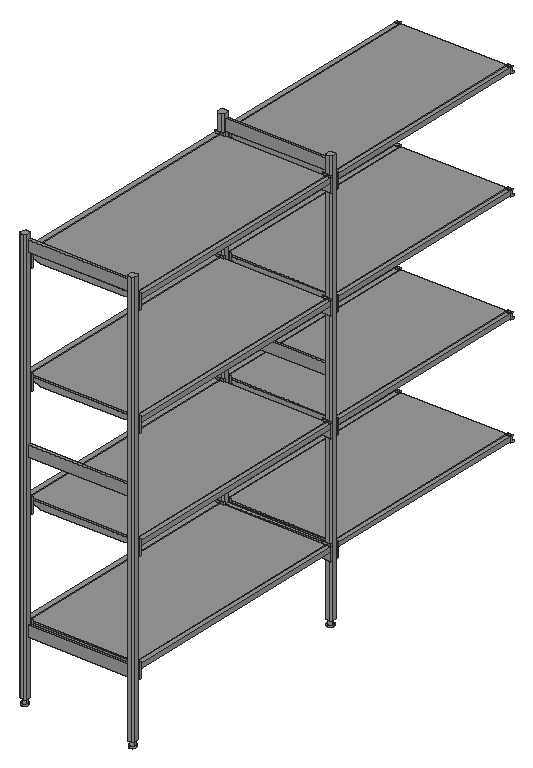
Revit family "QF_ELECTROLUXPROFESSIONAL_137083_CLS1928", category Attrezzature speciali, Revit 2020
Family settings
  Quota connettore circolare = Usa diametro
  Tipo di parte = Normale
  Basato su piano di lavoro = No
  Sempre verticale = Sì
  Taglio con vuoti quando caricato = No
  Condiviso = No
  Punto di calcolo locali = No
Parameters (values of type "Standard")
  Weight = 35.00 kg
  Watts = 0 W
  Volts = 0 V
  URL Manufacturer = "https://www.electroluxprofessional.com/"
  URL = "https://www.electroluxprofessional.com/"
  Steam Supply Size = 0 mm
  Steam Supply Minimum Pressure = 0.0 Pa
  Steam Supply Maximum Pressure = 0.0 Pa
  Steam Consumption per Hour = 0
  Refrigeration Suction Line Size = 0.0 mm
  Refrigeration Liquid Line Size = 0.0 mm
  Refrigerant Compressor Remote = yes
  Prospetto di default = 0.0 mm
  Phase = 0
  Modello = "CLS1928"
  Produttore = "Electrolux Professional"
  Length Actual = 1932.0 mm  # constant formula
  Item Number = "137083"
  Hot Water Size = 0 mm
  Height Actual = 1700.0 mm  # constant formula
  HP = "0 HP"
  Gas Size = 0 mm
  Gas KW = 0
  Gas Input Pressure = 0 W
  Direct Waste Size = 0 mm
  Descrizione = "ALUM.CORNER SHELV.-POLY.TIERS-475X1932MM"
  Depth Actual = 475.0 mm  # constant formula
  Cycle = 0 Hz
  Condensate Return Size = 0 mm
  Compressed Air Volume = 0.0 L/s
  Compressed Air Size = 0 mm
  Compressed Air Pressure = 0.0 Pa
  Cold Water Size = 0 mm
  Accessory = yes
Reference planes
  plane 1: z = 0
  plane 2 "CenterLeft": y = -535.5
  plane 3 "FRONT": y = -921.5
  plane 4 "LEFT": x = 192.5
  plane 5 "RIGHT": x = 667.5
  plane 6 "TOP": z = 1700
  plane 7: y = -889.5
  plane 8: y = 84.5
  plane 9 "Center (Left/Back)": x = 430
  plane 10: x = 256
  plane 11: x = 668
  plane 12 "FEET": z = 25
  plane 13: z = 275
  plane 14: z = 725
  plane 15: z = 1175
  plane 16: z = 1625
  plane 17 "CXLeft": y = -907.5
  plane 18 "Center (Front/Back)": y = 102.5
  plane 19 "CYFront": x = 510
  plane 20: y = 1006.5
  plane 21: y = 120.5
  plane 22 "BACK": y = 1010.5
  plane 23 "LEFT_ORIGIN": x = 158.5
  plane 24 "BACK_ORIGIN": y = 1485.5
Forms (mm)
  Extrusion 1, solid, material "QF_Aluminum"
    sketch origin (38.022, -921.5, -4.006) x (-1, 0, 0) y (0, 0, 1)
      loop
        line (-189.5, 1637.003) -> (-173.5, 1637.003) -> (-173.5, 1655) -> (-175.493, 1655) -> (-175.493, 1648.501) -> (-608.5, 1648.501) -> (-608.5, 1655) -> (-610.5, 1655) -> (-610.5, 1637.003) -> (-594.5, 1637.003) -> (-560.5, 1625) -> (-223.5, 1625) -> (-189.5, 1637.003)
      loop
        line (-189.5, 1187.003) -> (-173.5, 1187.003) -> (-173.5, 1205) -> (-175.493, 1205) -> (-175.493, 1198.501) -> (-608.5, 1198.501) -> (-608.5, 1205) -> (-610.5, 1205) -> (-610.5, 1187.003) -> (-594.5, 1187.003) -> (-560.5, 1175) -> (-223.5, 1175) -> (-189.5, 1187.003)
      loop
        line (-189.5, 737.003) -> (-173.5, 737.003) -> (-173.5, 755) -> (-175.493, 755) -> (-175.493, 748.501) -> (-608.5, 748.501) -> (-608.5, 755) -> (-610.5, 755) -> (-610.5, 737.003) -> (-594.5, 737.003) -> (-560.5, 725) -> (-223.5, 725) -> (-189.5, 737.003)
      loop
        line (-189.5, 287.003) -> (-173.5, 287.003) -> (-173.5, 305) -> (-175.493, 305) -> (-175.493, 298.501) -> (-608.5, 298.501) -> (-608.5, 305) -> (-610.5, 305) -> (-610.5, 287.003) -> (-594.5, 287.003) -> (-560.5, 275) -> (-223.5, 275) -> (-189.5, 287.003)
    from 37 to 32
  Extrusion 2, solid, material "QF_Aluminum"
    sketch origin (38.022, -921.5, 0) x (-1, 0, 0) y (0, 0, 1)
      loop
        line (-154.478, 246.005) -> (-154.478, 307.993) -> (-190.471, 307.993) -> (-190.471, 246.005) -> (-154.478, 246.005)
      loop
        line (-593.484, 246.005) -> (-593.484, 307.993) -> (-629.478, 307.993) -> (-629.478, 246.005) -> (-593.484, 246.005)
      loop
        line (-154.478, 696.005) -> (-154.478, 757.993) -> (-190.471, 757.993) -> (-190.471, 696.005) -> (-154.478, 696.005)
      loop
        line (-593.484, 696.005) -> (-593.484, 757.993) -> (-629.478, 757.993) -> (-629.478, 696.005) -> (-593.484, 696.005)
      loop
        line (-154.478, 1146.005) -> (-154.478, 1207.993) -> (-190.471, 1207.993) -> (-190.471, 1146.005) -> (-154.478, 1146.005)
      loop
        line (-593.484, 1146.005) -> (-593.484, 1207.993) -> (-629.478, 1207.993) -> (-629.478, 1146.005) -> (-593.484, 1146.005)
      loop
        line (-154.478, 1596.005) -> (-154.478, 1657.993) -> (-190.471, 1657.993) -> (-190.471, 1596.005) -> (-154.478, 1596.005)
      loop
        line (-593.484, 1596.005) -> (-593.484, 1657.993) -> (-629.478, 1657.993) -> (-629.478, 1596.005) -> (-593.484, 1596.005)
    from 28 to 32
  Extrusion 3, solid, material "QF_Aluminum"
    sketch origin (38.022, -921.5, 0) x (-1, 0, 0) y (0, 0, 1)
      loop
        line (-154.5, 1650.994) -> (-173.5, 1650.994) -> (-173.5, 1632.998) -> (-154.5, 1632.998) -> (-154.5, 1650.994)
      loop
        line (-154.5, 1200.994) -> (-173.5, 1200.994) -> (-173.5, 1182.998) -> (-154.5, 1182.998) -> (-154.5, 1200.994)
      loop
        line (-154.5, 750.994) -> (-173.5, 750.994) -> (-173.5, 732.998) -> (-154.5, 732.998) -> (-154.5, 750.994)
      loop
        line (-154.5, 300.994) -> (-173.5, 300.994) -> (-173.5, 282.998) -> (-154.5, 282.998) -> (-154.5, 300.994)
      loop
        line (-629.455, 1650.994) -> (-629.455, 1632.998) -> (-610.455, 1632.998) -> (-610.455, 1650.994) -> (-629.455, 1650.994)
      loop
        line (-629.455, 1200.994) -> (-629.455, 1182.998) -> (-610.455, 1182.998) -> (-610.455, 1200.994) -> (-629.455, 1200.994)
      loop
        line (-629.455, 750.994) -> (-629.455, 732.998) -> (-610.455, 732.998) -> (-610.455, 750.994) -> (-629.455, 750.994)
      loop
        line (-629.455, 300.994) -> (-629.455, 282.998) -> (-610.455, 282.998) -> (-610.455, 300.994) -> (-629.455, 300.994)
    from 32 to 1006
  Extrusion 4, solid, material "QF_Polyethylene"
    sketch origin (38.022, -921.5, 0) x (-1, 0, 0) y (0, 0, 1)
      loop
        line (-175.493, 1650.994) -> (-608.5, 1650.994) -> (-608.5, 1644.496) -> (-175.493, 1644.496) -> (-175.493, 1650.994)
      loop
        line (-175.493, 1200.994) -> (-608.5, 1200.994) -> (-608.5, 1194.496) -> (-175.493, 1194.496) -> (-175.493, 1200.994)
      loop
        line (-175.493, 750.994) -> (-608.5, 750.994) -> (-608.5, 744.496) -> (-175.493, 744.496) -> (-175.493, 750.994)
      loop
        line (-175.493, 300.994) -> (-608.5, 300.994) -> (-608.5, 294.496) -> (-175.493, 294.496) -> (-175.493, 300.994)
    from 32 to 1006
  Extrusion 5, solid, material "QF_Aluminum"
    sketch origin (38.022, 684.5, 0) x (-1, 0, 0) y (0, 0, 1)
      loop
        line (-154.5, 1650.994) -> (-173.5, 1650.994) -> (-173.5, 1632.998) -> (-154.5, 1632.998) -> (-154.5, 1650.994)
      loop
        line (-610.455, 1650.994) -> (-629.455, 1650.994) -> (-629.455, 1632.998) -> (-610.455, 1632.998) -> (-610.455, 1650.994)
      loop
        line (-154.5, 1200.994) -> (-173.5, 1200.994) -> (-173.5, 1182.998) -> (-154.5, 1182.998) -> (-154.5, 1200.994)
      loop
        line (-610.455, 1200.994) -> (-629.455, 1200.994) -> (-629.455, 1182.998) -> (-610.455, 1182.998) -> (-610.455, 1200.994)
      loop
        line (-154.5, 750.994) -> (-173.5, 750.994) -> (-173.5, 732.998) -> (-154.5, 732.998) -> (-154.5, 750.994)
      loop
        line (-610.455, 750.994) -> (-629.455, 750.994) -> (-629.455, 732.998) -> (-610.455, 732.998) -> (-610.455, 750.994)
      loop
        line (-154.5, 300.994) -> (-173.5, 300.994) -> (-173.5, 282.998) -> (-154.5, 282.998) -> (-154.5, 300.994)
      loop
        line (-610.455, 300.994) -> (-629.455, 300.994) -> (-629.455, 282.998) -> (-610.455, 282.998) -> (-610.455, 300.994)
    from 322 to -564
  Extrusion 6, solid, material "QF_Polyethylene"
    sketch origin (38.022, 684.5, 0) x (-1, 0, 0) y (0, 0, 1)
      loop
        line (-175.493, 1650.994) -> (-608.5, 1650.994) -> (-608.5, 1644.496) -> (-175.493, 1644.496) -> (-175.493, 1650.994)
      loop
        line (-175.493, 1200.994) -> (-608.5, 1200.994) -> (-608.5, 1194.496) -> (-175.493, 1194.496) -> (-175.493, 1200.994)
      loop
        line (-175.493, 750.994) -> (-608.5, 750.994) -> (-608.5, 744.496) -> (-175.493, 744.496) -> (-175.493, 750.994)
      loop
        line (-175.493, 300.994) -> (-608.5, 300.994) -> (-608.5, 294.496) -> (-175.493, 294.496) -> (-175.493, 300.994)
    from 322 to -564
Lines and regions (mm)
  symbolic lines
    curve 1: line (256, -912.5, 1700) -> (668, -912.5, 1700)
    curve 2: line (668, -902.5, 1700) -> (256, -902.5, 1700)
    curve 3: line (192.5, -893.5, 1700) -> (192.5, 88.5, 1700)
    curve 4: line (667.5, -889.5, 1700) -> (667.5, 84.5, 1700)
    curve 5: line (192.5, 116.5, 1700) -> (192.5, 1010.5, 1700)
    curve 6: line (667.5, 116.5, 1700) -> (667.5, 1010.5, 1700)
    curve 7: line (648.478, 84.5, 1700) -> (648.478, -889.5, 1700)
    curve 8: line (211.522, -889.5, 1700) -> (211.522, 84.5, 1700)
    curve 9: line (211.522, 120.5, 1700) -> (211.522, 1006.5, 1700)
    curve 10: line (648.478, 1006.5, 1700) -> (648.478, 120.5, 1700)
Dimensions and locks
  plane 3 "FRONT" to plane 2 "CenterLeft" = 386.0 mm
  locked: plane 6 "TOP" to level at 1700
  locked: plane 7 to plane 8 at 974
  locked: plane 10 to plane 11 at 412
  plane 10 to plane 9 "Center (Left/Back)" to plane 11 = 174.0 mm, 238.0 mm
  equal spacing: plane 4 "LEFT", plane 9 "Center (Left/Back)", plane 5 "RIGHT"
  plane 12 "FEET" to level = 25.0 mm
  plane 6 "TOP" to plane 12 "FEET" = 1675.0 mm
  plane 13 to plane 12 "FEET" = 250.0 mm
  plane 14 to plane 13 = 450.0 mm
  plane 15 to plane 14 = 450.0 mm
  plane 16 to plane 15 = 450.0 mm
  locked: plane 21 to plane 20 at 886
  locked: plane 8 to plane 18 "Center (Front/Back)" at 18
  locked: plane 18 "Center (Front/Back)" to plane 21 at 18
  locked: plane 3 "FRONT" to plane 7 at 32
  locked: plane 4 "LEFT" to plane 5 "RIGHT" at 475
  locked: plane 23 "LEFT_ORIGIN" to plane 5 "RIGHT" at 509
  locked: plane 22 "BACK" to plane 24 "BACK_ORIGIN" at 475
  locked: plane 22 "BACK" to plane 3 "FRONT" at 1932
  aligned and locked: level to plane 1
  aligned and locked: Extrusion 1 to plane 7
  aligned and locked: plane 7 to Extrusion 2
  aligned and locked: Extrusion 4 to plane 7
  aligned and locked: plane 8 to Extrusion 4
  aligned and locked: Extrusion 3 to plane 7
  aligned and locked: plane 8 to Extrusion 3
  aligned and locked: Extrusion 1 sketch curve to Extrusion 1 sketch curve  (x3)
  aligned and locked: Extrusion 5 sketch curve to Extrusion 5 sketch curve  (x2)
  aligned and locked: Extrusion 5 to plane 21  (x5)
  aligned and locked: Extrusion 6 to plane 21  (x5)
  aligned and locked: nested 2 to plane 18 "Center (Front/Back)"
  aligned and locked: plane 17 "CXLeft" to nested 1
  aligned and locked: plane 7 to Extrusion 3  (x3)
  aligned and locked: Extrusion 3 to plane 8  (x4)
  aligned and locked: Extrusion 4 to plane 8  (x4)
  aligned and locked: plane 20 to Extrusion 5
  aligned and locked: plane 20 to Extrusion 6
  aligned and locked: Extrusion 5 to plane 20  (x3)
  aligned and locked: Extrusion 6 to plane 20  (x3)
  aligned and locked: plane 9 "Center (Left/Back)" to nested 2
  aligned and locked: nested 3 to plane 22 "BACK"
Automatic sketch dimensions
  Extrusion 1 sketch curve to plane 19 "CYFront" = 138.522 mm  (x4)
  plane 11 to Extrusion 1 sketch curve = 35.478 mm  (x4)
  Extrusion 1 sketch curve to plane 13 = 4.006 mm
  Extrusion 1 sketch curve to Extrusion 1 sketch curve = 34.0 mm  (x4)
  Extrusion 1 sketch curve to plane 14 = 4.006 mm
  Extrusion 1 sketch curve to plane 15 = 4.006 mm
  Extrusion 1 sketch curve to plane 16 = 4.006 mm
  Extrusion 1 sketch curve to plane 10 = 5.522 mm  (x4)
  plane 10 to Extrusion 1 sketch curve = 28.478 mm  (x4)
  plane 13 to Extrusion 1 sketch curve = 7.998 mm  (x2)
  Extrusion 1 sketch curve to Extrusion 1 sketch curve = 11.498 mm  (x4)
  Extrusion 1 sketch curve to Extrusion 1 sketch curve = 6.499 mm  (x8)
  plane 14 to Extrusion 1 sketch curve = 7.998 mm  (x2)
  plane 15 to Extrusion 1 sketch curve = 7.998 mm  (x2)
  plane 16 to Extrusion 1 sketch curve = 7.998 mm  (x2)
  plane 5 "RIGHT" to Extrusion 2 sketch curve = 35.993 mm  (x4)
  Extrusion 2 sketch curve to plane 4 "LEFT" = 0.0 mm  (x4)
  plane 11 to Extrusion 2 sketch curve = 0.5 mm  (x4)
  plane 10 to Extrusion 2 sketch curve = 27.507 mm  (x4)
  Extrusion 2 sketch curve to plane 13 = 28.995 mm  (x2)
  plane 13 to Extrusion 2 sketch curve = 32.993 mm  (x2)
  Extrusion 2 sketch curve to plane 14 = 28.995 mm  (x2)
  plane 14 to Extrusion 2 sketch curve = 32.993 mm  (x2)
  Extrusion 2 sketch curve to plane 15 = 28.995 mm  (x2)
  plane 15 to Extrusion 2 sketch curve = 32.993 mm  (x2)
  Extrusion 2 sketch curve to plane 16 = 28.995 mm  (x2)
  plane 16 to Extrusion 2 sketch curve = 32.993 mm  (x2)
  plane 13 to Extrusion 4 sketch curve = 19.496 mm
  Extrusion 4 sketch curve to Extrusion 4 sketch curve = 6.499 mm  (x4)
  plane 14 to Extrusion 4 sketch curve = 19.496 mm
  plane 15 to Extrusion 4 sketch curve = 19.496 mm
  plane 16 to Extrusion 4 sketch curve = 19.496 mm
  plane 5 "RIGHT" to Extrusion 5 sketch curve = 0.022 mm  (x4)
  Extrusion 5 sketch curve to plane 4 "LEFT" = 19.022 mm  (x4)
  Extrusion 5 sketch curve to plane 19 "CYFront" = 138.478 mm  (x2)
  plane 13 to Extrusion 5 sketch curve = 7.998 mm  (x2)
  Extrusion 5 sketch curve to Extrusion 5 sketch curve = 17.997 mm  (x8)
  plane 14 to Extrusion 5 sketch curve = 7.998 mm  (x2)
  plane 15 to Extrusion 5 sketch curve = 7.998 mm  (x2)
  plane 16 to Extrusion 5 sketch curve = 7.998 mm  (x2)
  Extrusion 6 sketch curve to plane 19 "CYFront" = 136.522 mm  (x4)
  plane 13 to Extrusion 6 sketch curve = 19.496 mm
  Extrusion 6 sketch curve to Extrusion 6 sketch curve = 6.499 mm  (x4)
  plane 14 to Extrusion 6 sketch curve = 19.496 mm
  plane 15 to Extrusion 6 sketch curve = 19.496 mm
  plane 16 to Extrusion 6 sketch curve = 19.496 mm
  plane 5 "RIGHT" to Extrusion 3 sketch curve = 0.022 mm  (x4)
  Extrusion 3 sketch curve to Extrusion 3 sketch curve = 19.0 mm  (x4)
  plane 14 to Extrusion 3 sketch curve = 7.998 mm  (x2)
  plane 10 to Extrusion 3 sketch curve = 44.478 mm  (x4)
  Extrusion 3 sketch curve to plane 4 "LEFT" = 0.022 mm  (x4)
  plane 13 to Extrusion 3 sketch curve = 25.994 mm  (x2)
  plane 13 to Extrusion 3 sketch curve = 7.998 mm  (x2)
  Extrusion 3 sketch curve to Extrusion 3 sketch curve = 17.997 mm  (x6)
  plane 15 to Extrusion 3 sketch curve = 7.998 mm  (x2)
  plane 16 to Extrusion 3 sketch curve = 7.998 mm  (x2)
  plane 10 to Extrusion 1 sketch curve = 42.484 mm  (x4)
  plane 10 to Extrusion 1 sketch curve = 44.478 mm  (x2)
  Extrusion 1 sketch curve to Extrusion 1 sketch curve = 1.993 mm  (x2)
  plane 10 to Extrusion 4 sketch curve = 42.484 mm  (x4)
  Extrusion 5 sketch curve to plane 4 "LEFT" = 0.022 mm  (x4)
  plane 10 to Extrusion 6 sketch curve = 42.484 mm  (x4)
  Extrusion 1 sketch curve to Extrusion 1 sketch curve = 2.0 mm
  plane 5 "RIGHT" to Extrusion 4 sketch curve = 20.978 mm  (x4)
  curve 1 to plane 11 = 0.0 mm
  curve 1 to plane 10 = 0.0 mm
  curve 2 to plane 10 = 0.0 mm
  curve 2 to plane 11 = 0.0 mm
  curve 3 to plane 4 "LEFT" = 0.0 mm
  curve 4 to plane 5 "RIGHT" = 0.0 mm
  plane 7 to curve 4 = 0.0 mm
  plane 7 to curve 8 = 0.0 mm
  plane 8 to curve 8 = 0.0 mm
  plane 8 to curve 7 = 0.0 mm
  plane 8 to curve 4 = 0.0 mm
  curve 5 to plane 4 "LEFT" = 0.0 mm
  curve 6 to plane 5 "RIGHT" = 0.0 mm
  plane 20 to curve 9 = 0.0 mm
  plane 22 "BACK" to curve 5 = 0.0 mm
  plane 22 "BACK" to curve 6 = 0.0 mm
  plane 7 to curve 3 = 4.0 mm
  plane 17 "CXLeft" to curve 2 = 5.0 mm
  curve 1 to plane 17 "CXLeft" = 5.0 mm
  curve 3 to plane 8 = 4.0 mm
  curve 6 to plane 21 = 4.0 mm
  curve 9 to plane 4 "LEFT" = 19.022 mm
  curve 8 to plane 4 "LEFT" = 19.022 mm
  curve 9 to plane 21 = 0.0 mm
  plane 21 to curve 10 = 0.0 mm
  curve 5 to plane 21 = 4.0 mm
  plane 7 to curve 7 = 0.0 mm
  curve 4 to curve 7 = 19.022 mm
  plane 20 to curve 10 = 0.0 mm
  plane 5 "RIGHT" to curve 10 = 19.022 mm
Nested families
  nested 1: "WT_Anta475" at (215.5, -504.5, 0) x (0, 1, 0) z (0, 0, 1), type "WT_Anta475"
  nested 2: "WT_Anta475Center" at (215.5, 505.5, 0) x (0, 1, 0) z (0, 0, 1), type "WT_Anta475Center"
  nested 3: "WT_Aggancio475" at (215.5, 1418.5, 0) x (0, 1, 0) z (0, 0, 1), type "WT_Aggancio475"
Definition of nested family "WT_Anta475"
  Parameters
    WidthLeft = A + 64.0 mm  # 772.0 mm
    Width = 1606.0 mm
    Right = WidthLeft / 2  # 386.0 mm
    Default Elevation = 0.0 mm
    Left = -WidthLeft / 2  # -386.0 mm
    Height = 1725.0 mm
    FEET = 25.0 mm
    E = 0.0 mm
    Dint = Depth - 63.0 mm  # 412.0 mm
    Dext = Depth - 8.0 mm  # 467.0 mm
    Depth = 475.0 mm
    DX = (WidthLeft - A) / 2  # 32.0 mm
    B = 798.0 mm
    A = 708.0 mm
  Reference planes
    plane 1: z = 0
    plane 2 "LEFT": x = -417
    plane 3 "BACK": y = 23
    plane 4 "FRONT": y = -452
    plane 5 "TOP": z = 1725
    plane 6 "Center (Front/Back)": y = -214.5
    plane 7: y = -8.5
    plane 8: y = -420.5
    plane 9 "FEET": z = 25
    plane 10: z = 275
    plane 11: z = 725
    plane 12: z = 1175
    plane 13: z = 1625
    plane 14 "CXLeft": x = -403
    plane 15: y = 5.5
    plane 16 "CYBack": y = 5.5
    plane 17 "CYFront": y = -434.5
    plane 18: x = -385.031
    plane 19: x = -380.031
  Forms (mm)
    Extrusion 1, solid
      sketch origin (0, 0, 0) x (1, 0, 0) y (0, 1, 0)
        loop
          line (-417, 13.246) -> (-417, -2.246) -> (-410.746, -8.5) -> (-395.254, -8.5) -> (-389, -2.246) -> (-389, 13.246) -> (-395.254, 19.5) -> (-410.746, 19.5) -> (-417, 13.246)
      from 1725 to 25
    Extrusion 2, solid
      sketch origin (-417, 0, 0) x (0, 1, 0) y (0, 0, 1)
        loop
          line (23, 246.005) -> (23, 307.993) -> (-12.993, 307.993) -> (-12.993, 246.005) -> (23, 246.005)
        loop
          line (-452, 246.005) -> (-416.007, 246.005) -> (-416.007, 307.993) -> (-452, 307.993) -> (-452, 246.005)
        loop
          line (23, 696.005) -> (23, 757.993) -> (-12.993, 757.993) -> (-12.993, 696.005) -> (23, 696.005)
        loop
          line (-452, 696.005) -> (-416.007, 696.005) -> (-416.007, 757.993) -> (-452, 757.993) -> (-452, 696.005)
        loop
          line (23, 1146.005) -> (23, 1207.993) -> (-12.993, 1207.993) -> (-12.993, 1146.005) -> (23, 1146.005)
        loop
          line (-452, 1146.005) -> (-416.007, 1146.005) -> (-416.007, 1207.993) -> (-452, 1207.993) -> (-452, 1146.005)
        loop
          line (23, 1596.005) -> (23, 1657.993) -> (-12.993, 1657.993) -> (-12.993, 1596.005) -> (23, 1596.005)
        loop
          line (-452, 1596.005) -> (-416.007, 1596.005) -> (-416.007, 1657.993) -> (-452, 1657.993) -> (-452, 1596.005)
      from 28 to 32
    Revolve 3, solid
      sketch origin (-403, 0, 0) x (0, 1, 0) y (0, 0, 1)
        loop
          line (5.5, 25) -> (5.5, 0) -> (19, 0) -> (19, 5) -> (14, 5) -> (14, 25) -> (5.5, 25)
        axis (5.5, 25) -> (5.5, 0)
      angle from 0 to 360
    Extrusion 4, solid
      sketch origin (-403, 0, 0) x (0, 1, 0) y (0, 0, 1)
        loop
          line (-8.5, 912.382) -> (-8.5, 957.374) -> (-420.5, 957.374) -> (-420.5, 912.382) -> (-8.5, 912.382)
        loop
          line (-8.5, 1662.244) -> (-8.5, 1707.236) -> (-420.5, 1707.236) -> (-420.5, 1662.244) -> (-8.5, 1662.244)
      from -5 to 5
    Revolve 5, solid
      sketch origin (-403, -627, 0) x (0, -1, 0) y (0, 0, 1)
        loop
          line (-192.5, 25) -> (-192.5, 0) -> (-179, 0) -> (-179, 5) -> (-184, 5) -> (-184, 25) -> (-192.5, 25)
        axis (-192.5, 25) -> (-192.5, 0)
      angle from 0 to 360
    Extrusion 6, solid
      sketch origin (0, -627, 0) x (1, 0, 0) y (0, 1, 0)
        loop
          line (-417, 184.754) -> (-410.746, 178.5) -> (-395.254, 178.5) -> (-389, 184.754) -> (-389, 200.246) -> (-395.254, 206.5) -> (-410.746, 206.5) -> (-417, 200.246) -> (-417, 184.754)
      from 1725 to 25
    Extrusion 7, solid
      sketch origin (-417.031, -0.022, 0) x (0, 1, 0) y (0, 0, -1)
        loop
          line (-12, -1632.998) -> (-46, -1620.994) -> (-383, -1620.994) -> (-417, -1632.998) -> (-433, -1632.998) -> (-433, -1650.994) -> (-431, -1650.994) -> (-431, -1644.496) -> (2.007, -1644.496) -> (2.007, -1650.994) -> (4, -1650.994) -> (4, -1632.998) -> (-12, -1632.998)
        loop
          line (-12, -1182.998) -> (-46, -1170.994) -> (-383, -1170.994) -> (-417, -1182.998) -> (-433, -1182.998) -> (-433, -1200.994) -> (-431, -1200.994) -> (-431, -1194.496) -> (2.007, -1194.496) -> (2.007, -1200.994) -> (4, -1200.994) -> (4, -1182.998) -> (-12, -1182.998)
        loop
          line (-12, -732.998) -> (-46, -720.994) -> (-383, -720.994) -> (-417, -732.998) -> (-433, -732.998) -> (-433, -750.994) -> (-431, -750.994) -> (-431, -744.496) -> (2.007, -744.496) -> (2.007, -750.994) -> (4, -750.994) -> (4, -732.998) -> (-12, -732.998)
        loop
          line (-12, -282.998) -> (-46, -270.994) -> (-383, -270.994) -> (-417, -282.998) -> (-433, -282.998) -> (-433, -300.994) -> (-431, -300.994) -> (-431, -294.496) -> (2.007, -294.496) -> (2.007, -300.994) -> (4, -300.994) -> (4, -282.998) -> (-12, -282.998)
      from -32 to -37
    Extrusion 8, solid
      sketch origin (-403, 0, -659.878) x (0, 1, 0) y (0, 0, 1)
        loop
          line (-8.5, 912.382) -> (-8.5, 957.374) -> (-420.5, 957.374) -> (-420.5, 912.382) -> (-8.5, 912.382)
        loop
          line (-8.5, 1572.382) -> (-8.5, 1617.374) -> (-420.5, 1617.374) -> (-420.5, 1572.382) -> (-8.5, 1572.382)
        loop
          line (-8.5, 2322.382) -> (-8.5, 2367.374) -> (-420.5, 2367.374) -> (-420.5, 2322.382) -> (-8.5, 2322.382)
      from -5 to 5
  Lines and regions (mm)
    symbolic lines
      curve 1: line (-408, -8.5, 1725) -> (-408, -420.5, 1725)
      curve 2: line (-398, -420.5, 1725) -> (-398, -8.5, 1725)
      curve 3: line (-395.254, -8.5, 1725) -> (-410.746, -8.5, 1725)
      curve 4: line (-417, -2.246, 1725) -> (-410.746, -8.5, 1725)
      curve 5: line (-417, 13.246, 1725) -> (-417, -2.246, 1725)
      curve 6: line (-410.746, 19.5, 1725) -> (-417, 13.246, 1725)
      curve 7: line (-395.254, 19.5, 1725) -> (-410.746, 19.5, 1725)
      curve 8: line (-389, 13.246, 1725) -> (-395.254, 19.5, 1725)
      curve 9: line (-395.254, -8.5, 1725) -> (-389, -2.246, 1725)
      curve 10: line (-395.254, -420.5, 1725) -> (-410.746, -420.5, 1725)
      curve 11: line (-417, -426.754, 1725) -> (-410.746, -420.5, 1725)
      curve 12: line (-410.746, -448.5, 1725) -> (-417, -442.246, 1725)
      curve 13: line (-395.254, -448.5, 1725) -> (-410.746, -448.5, 1725)
      curve 14: line (-389, -442.246, 1725) -> (-395.254, -448.5, 1725)
      curve 15: line (-395.254, -420.5, 1725) -> (-389, -426.754, 1725)
      curve 16: line (-389, -452, 1725) -> (-389, -416.007, 1725)
      curve 17: line (-389, -416.007, 1725) -> (-385, -416.007, 1725)
      curve 18: line (-389, 23, 1725) -> (-389, -12.993, 1725)
      curve 19: line (-389, -12.993, 1725) -> (-385, -12.993, 1725)
      curve 20: line (-417, -426.754, 1725) -> (-417, -442.246, 1725)
      curve 21: line (-385, -452, 1725) -> (-385, -416.007, 1725)
      curve 22: line (-385, -452, 1725) -> (-389, -452, 1725)
      curve 23: line (-385, 23, 1725) -> (-389, 23, 1725)
      curve 24: line (-385, -12.993, 1725) -> (-385, 23, 1725)
      curve 25: line (-385.031, -13.016, 1725) -> (-385.031, -416.029, 1725)
  Dimensions and locks
    "Height": plane 5 "TOP" to level
    "Depth": plane 3 "BACK" to plane 4 "FRONT"
    "Dint": plane 7 to plane 8
    equal spacing: plane 7, plane 6 "Center (Front/Back)", plane 8
    equal spacing: plane 3 "BACK", plane 6 "Center (Front/Back)", plane 4 "FRONT"
    plane 9 "FEET" to level = 25.0 mm
    plane 5 "TOP" to plane 9 "FEET" = 1700.0 mm
    plane 10 to plane 9 "FEET" = 250.0 mm
    plane 11 to plane 10 = 450.0 mm
    plane 12 to plane 11 = 450.0 mm
    plane 13 to plane 12 = 450.0 mm
    locked: plane 2 "LEFT" to plane 14 "CXLeft" at 14
    locked: plane 3 "BACK" to plane 16 "CYBack" at 17.5
    locked: plane 17 "CYFront" to plane 4 "FRONT" at 17.5
    locked: Revolve 3 sketch curve to Revolve 3 sketch curve at 8.5
    locked: Revolve 3 sketch curve to plane 16 "CYBack" at 13.5
    locked: Revolve 5 sketch curve to Revolve 5 sketch curve at 8.5
    aligned and locked: level to plane 1
    aligned and locked: curve 20 to Extrusion 6
    aligned and locked: plane 5 "TOP" to Extrusion 1
    aligned and locked: plane 5 "TOP" to Extrusion 6
    aligned and locked: Extrusion 7 sketch curve to Extrusion 7 sketch curve  (x3)
  Automatic sketch dimensions
    curve 16 to plane 4 "FRONT" = 0.0 mm
    curve 11 to plane 8 = 0.0 mm
    curve 9 to plane 7 = 0.0 mm
    curve 5 to plane 2 "LEFT" = 0.0 mm
    curve 23 to plane 3 "BACK" = 0.0 mm
    plane 4 "FRONT" to curve 13 = 3.5 mm
    curve 20 to plane 17 "CYFront" = 7.746 mm
    curve 20 to plane 8 = 6.254 mm
    plane 8 to curve 16 = 4.493 mm
    curve 24 to plane 18 = 0.031 mm
    curve 24 to plane 7 = 4.493 mm
    plane 7 to curve 5 = 6.254 mm
    curve 5 to plane 15 = 7.746 mm
    curve 6 to plane 3 "BACK" = 3.5 mm
    curve 21 to plane 18 = 0.031 mm
    plane 18 to curve 23 = 3.969 mm
    plane 18 to curve 16 = 3.969 mm
    curve 18 to curve 8 = 6.254 mm
    curve 18 to curve 3 = 6.254 mm
    curve 16 to curve 13 = 6.254 mm
    curve 16 to curve 15 = 6.254 mm
    plane 2 "LEFT" to curve 10 = 6.254 mm
    plane 2 "LEFT" to curve 7 = 6.254 mm
    plane 2 "LEFT" to curve 12 = 6.254 mm
    plane 2 "LEFT" to curve 3 = 6.254 mm
    curve 14 to plane 17 "CYFront" = 7.746 mm
    curve 15 to plane 8 = 6.254 mm
    plane 7 to curve 9 = 6.254 mm
    curve 8 to plane 15 = 7.746 mm
    curve 3 to curve 2 = 2.746 mm
    curve 1 to curve 10 = 2.746 mm
    Extrusion 1 sketch curve to plane 2 "LEFT" = 0.0 mm
    Extrusion 1 sketch curve to plane 7 = 0.0 mm
    plane 2 "LEFT" to Extrusion 1 sketch curve = 6.254 mm  (x2)
    plane 14 "CXLeft" to Extrusion 1 sketch curve = 7.746 mm  (x2)
    Extrusion 1 sketch curve to plane 3 "BACK" = 3.5 mm
    plane 18 to Extrusion 1 sketch curve = 3.969 mm
    plane 7 to Extrusion 1 sketch curve = 6.254 mm  (x2)
    Extrusion 1 sketch curve to plane 15 = 7.746 mm  (x2)
    Extrusion 2 sketch curve to plane 4 "FRONT" = 0.0 mm  (x4)
    Extrusion 2 sketch curve to plane 3 "BACK" = 0.0 mm  (x4)
    plane 8 to Extrusion 2 sketch curve = 4.493 mm  (x4)
    Extrusion 2 sketch curve to plane 7 = 4.493 mm  (x4)
    Extrusion 2 sketch curve to plane 10 = 28.995 mm  (x2)
    plane 10 to Extrusion 2 sketch curve = 32.993 mm  (x2)
    Extrusion 2 sketch curve to plane 11 = 28.995 mm  (x2)
    plane 11 to Extrusion 2 sketch curve = 32.993 mm  (x2)
    Extrusion 2 sketch curve to plane 12 = 28.995 mm  (x2)
    plane 12 to Extrusion 2 sketch curve = 32.993 mm  (x2)
    Extrusion 2 sketch curve to plane 13 = 28.995 mm  (x2)
    plane 13 to Extrusion 2 sketch curve = 32.993 mm  (x2)
    Revolve 3 sketch curve to plane 9 "FEET" = 0.0 mm  (x2)
    Revolve 3 sketch curve to plane 15 = 0.0 mm  (x2)
    Revolve 3 sketch curve to level = 0.0 mm
    level to Revolve 3 sketch curve = 5.0 mm
    Revolve 3 sketch curve to Revolve 3 sketch curve = 11.655 mm
    Extrusion 4 sketch curve to plane 8 = 0.0 mm  (x2)
    Extrusion 4 sketch curve to plane 7 = 0.0 mm  (x2)
    plane 11 to Extrusion 4 sketch curve = 187.382 mm
    Extrusion 4 sketch curve to Extrusion 4 sketch curve = 44.992 mm
    plane 13 to Extrusion 4 sketch curve = 37.244 mm
    Extrusion 4 sketch curve to plane 5 "TOP" = 17.764 mm
    Revolve 5 sketch curve to plane 9 "FEET" = 0.0 mm  (x2)
    Revolve 5 sketch curve to plane 17 "CYFront" = 0.0 mm  (x2)
    Revolve 5 sketch curve to level = 0.0 mm
    Revolve 5 sketch curve to plane 4 "FRONT" = 4.0 mm
    Revolve 5 sketch curve to Revolve 5 sketch curve = 5.0 mm
    level to Revolve 5 sketch curve = 11.655 mm
    Extrusion 6 sketch curve to plane 2 "LEFT" = 0.0 mm
    Extrusion 6 sketch curve to plane 8 = 0.0 mm
    Extrusion 6 sketch curve to plane 2 "LEFT" = 6.254 mm  (x2)
    Extrusion 6 sketch curve to plane 14 "CXLeft" = 7.746 mm  (x2)
    Extrusion 6 sketch curve to plane 4 "FRONT" = 3.5 mm
    Extrusion 6 sketch curve to plane 18 = 3.969 mm
    plane 8 to Extrusion 6 sketch curve = 6.254 mm  (x2)
    plane 17 "CYFront" to Extrusion 6 sketch curve = 7.746 mm  (x2)
    plane 17 "CYFront" to Extrusion 7 sketch curve = 1.478 mm  (x4)
    Extrusion 7 sketch curve to Extrusion 7 sketch curve = 2.0 mm
    plane 8 to Extrusion 7 sketch curve = 3.478 mm  (x4)
    Extrusion 7 sketch curve to plane 10 = 4.006 mm
    Extrusion 7 sketch curve to Extrusion 7 sketch curve = 34.0 mm  (x4)
    Extrusion 7 sketch curve to plane 11 = 4.006 mm
    Extrusion 7 sketch curve to plane 12 = 4.006 mm
    Extrusion 7 sketch curve to plane 13 = 4.006 mm
    Extrusion 7 sketch curve to plane 7 = 37.522 mm  (x4)
    Extrusion 7 sketch curve to plane 7 = 3.522 mm  (x4)
    plane 15 to Extrusion 7 sketch curve = 3.516 mm  (x4)
    plane 15 to Extrusion 7 sketch curve = 1.522 mm  (x4)
    plane 13 to Extrusion 7 sketch curve = 7.998 mm  (x2)
    Extrusion 7 sketch curve to Extrusion 7 sketch curve = 11.498 mm
    Extrusion 7 sketch curve to Extrusion 7 sketch curve = 6.499 mm  (x5)
    plane 12 to Extrusion 7 sketch curve = 25.994 mm  (x2)
    plane 12 to Extrusion 7 sketch curve = 7.998 mm  (x2)
    plane 11 to Extrusion 7 sketch curve = 25.994 mm  (x2)
    plane 11 to Extrusion 7 sketch curve = 7.998 mm  (x2)
    plane 10 to Extrusion 7 sketch curve = 25.994 mm  (x2)
    plane 10 to Extrusion 7 sketch curve = 7.998 mm  (x2)
    curve 25 to plane 18 = 0.0 mm
    plane 8 to curve 25 = 4.471 mm
    curve 25 to plane 7 = 4.516 mm
    Extrusion 8 sketch curve to plane 8 = 0.0 mm  (x3)
    Extrusion 8 sketch curve to plane 7 = 0.0 mm  (x3)
    Extrusion 8 sketch curve to plane 10 = 22.496 mm
    plane 10 to Extrusion 8 sketch curve = 22.496 mm
    plane 11 to Extrusion 8 sketch curve = 187.504 mm
    Extrusion 8 sketch curve to Extrusion 8 sketch curve = 44.992 mm
    plane 13 to Extrusion 8 sketch curve = 37.504 mm
    Extrusion 8 sketch curve to plane 5 "TOP" = 17.504 mm
Definition of nested family "WT_Anta475Center"
  Parameters
    WidthLeft = A + 64.0 mm  # 772.0 mm
    Width = 1606.0 mm
    Right = WidthLeft / 2  # 386.0 mm
    Default Elevation = 0.0 mm
    Left = -WidthLeft / 2  # -386.0 mm
    Height = 1725.0 mm
    FEET = 25.0 mm
    E = 0.0 mm
    Dint = Depth - 63.0 mm  # 412.0 mm
    Dext = Depth - 8.0 mm  # 467.0 mm
    Depth = 475.0 mm
    DX = (WidthLeft - A) / 2  # 32.0 mm
    B = 798.0 mm
    A = 708.0 mm
  Reference planes
    plane 1: z = 0
    plane 2 "L": x = -417
    plane 3 "BACK": y = 23
    plane 4 "FRONT": y = -452
    plane 5 "TOP": z = 1725
    plane 6 "Center (Front/Back)": y = -214.5
    plane 7: y = -8.5
    plane 8: y = -420.5
    plane 9 "FEET": z = 25
    plane 10: z = 275
    plane 11: z = 725
    plane 12: z = 1175
    plane 13: z = 1625
    plane 14 "CXLeft": x = -403
    plane 15: y = 5.5
    plane 16 "CYBack": y = 5.5
    plane 17 "CYFront": y = -434.5
    plane 18: x = -385.031
    plane 19 "RIGHT": x = -380.031
    plane 20: x = -420.969
    plane 21 "LEFT": x = -425.969
  Forms (mm)
    Extrusion 1, solid
      sketch origin (0, 0, 0) x (1, 0, 0) y (0, 1, 0)
        loop
          line (-417, 13.246) -> (-417, -2.246) -> (-410.746, -8.5) -> (-395.254, -8.5) -> (-389, -2.246) -> (-389, 13.246) -> (-395.254, 19.5) -> (-410.746, 19.5) -> (-417, 13.246)
      from 1725 to 25
    Extrusion 2, solid
      sketch origin (-417, 0, 0) x (0, 1, 0) y (0, 0, 1)
        loop
          line (23, 246.005) -> (23, 307.993) -> (-12.993, 307.993) -> (-12.993, 246.005) -> (23, 246.005)
        loop
          line (-452, 246.005) -> (-416.007, 246.005) -> (-416.007, 307.993) -> (-452, 307.993) -> (-452, 246.005)
        loop
          line (23, 696.005) -> (23, 757.993) -> (-12.993, 757.993) -> (-12.993, 696.005) -> (23, 696.005)
        loop
          line (-452, 696.005) -> (-416.007, 696.005) -> (-416.007, 757.993) -> (-452, 757.993) -> (-452, 696.005)
        loop
          line (23, 1146.005) -> (23, 1207.993) -> (-12.993, 1207.993) -> (-12.993, 1146.005) -> (23, 1146.005)
        loop
          line (-452, 1146.005) -> (-416.007, 1146.005) -> (-416.007, 1207.993) -> (-452, 1207.993) -> (-452, 1146.005)
        loop
          line (23, 1596.005) -> (23, 1657.993) -> (-12.993, 1657.993) -> (-12.993, 1596.005) -> (23, 1596.005)
        loop
          line (-452, 1596.005) -> (-416.007, 1596.005) -> (-416.007, 1657.993) -> (-452, 1657.993) -> (-452, 1596.005)
      from 28 to 32
    Revolve 3, solid
      sketch origin (-403, 0, 0) x (0, 1, 0) y (0, 0, 1)
        loop
          line (5.5, 25) -> (5.5, 0) -> (19, 0) -> (19, 5) -> (14, 5) -> (14, 25) -> (5.5, 25)
        axis (5.5, 25) -> (5.5, 0)
      angle from 0 to 360
    Extrusion 4, solid
      sketch origin (-403, 0, 0) x (0, 1, 0) y (0, 0, 1)
        loop
          line (-8.5, 912.382) -> (-8.5, 957.374) -> (-420.5, 957.374) -> (-420.5, 912.382) -> (-8.5, 912.382)
        loop
          line (-8.5, 1662.244) -> (-8.5, 1707.236) -> (-420.5, 1707.236) -> (-420.5, 1662.244) -> (-8.5, 1662.244)
      from -5 to 5
    Revolve 5, solid
      sketch origin (-403, -627, 0) x (0, -1, 0) y (0, 0, 1)
        loop
          line (-192.5, 25) -> (-192.5, 0) -> (-179, 0) -> (-179, 5) -> (-184, 5) -> (-184, 25) -> (-192.5, 25)
        axis (-192.5, 25) -> (-192.5, 0)
      angle from 0 to 360
    Extrusion 6, solid
      sketch origin (0, -627, 0) x (1, 0, 0) y (0, 1, 0)
        loop
          line (-417, 184.754) -> (-410.746, 178.5) -> (-395.254, 178.5) -> (-389, 184.754) -> (-389, 200.246) -> (-395.254, 206.5) -> (-410.746, 206.5) -> (-417, 200.246) -> (-417, 184.754)
      from 1725 to 25
    Extrusion 7, solid
      sketch origin (-417.031, -0.022, 0) x (0, 1, 0) y (0, 0, -1)
        loop
          line (-12, -1632.998) -> (-46, -1620.994) -> (-383, -1620.994) -> (-417, -1632.998) -> (-433, -1632.998) -> (-433, -1650.994) -> (-431, -1650.994) -> (-431, -1644.496) -> (2.007, -1644.496) -> (2.007, -1650.994) -> (4, -1650.994) -> (4, -1632.998) -> (-12, -1632.998)
        loop
          line (-12, -1182.998) -> (-46, -1170.994) -> (-383, -1170.994) -> (-417, -1182.998) -> (-433, -1182.998) -> (-433, -1200.994) -> (-431, -1200.994) -> (-431, -1194.496) -> (2.007, -1194.496) -> (2.007, -1200.994) -> (4, -1200.994) -> (4, -1182.998) -> (-12, -1182.998)
        loop
          line (-12, -732.998) -> (-46, -720.994) -> (-383, -720.994) -> (-417, -732.998) -> (-433, -732.998) -> (-433, -750.994) -> (-431, -750.994) -> (-431, -744.496) -> (2.007, -744.496) -> (2.007, -750.994) -> (4, -750.994) -> (4, -732.998) -> (-12, -732.998)
        loop
          line (-12, -282.998) -> (-46, -270.994) -> (-383, -270.994) -> (-417, -282.998) -> (-433, -282.998) -> (-433, -300.994) -> (-431, -300.994) -> (-431, -294.496) -> (2.007, -294.496) -> (2.007, -300.994) -> (4, -300.994) -> (4, -282.998) -> (-12, -282.998)
      from -32 to -37
    Extrusion 8, solid
      sketch origin (-403, 0, -659.878) x (0, 1, 0) y (0, 0, 1)
        loop
          line (-8.5, 912.382) -> (-8.5, 957.374) -> (-420.5, 957.374) -> (-420.5, 912.382) -> (-8.5, 912.382)
        loop
          line (-8.5, 1572.382) -> (-8.5, 1617.374) -> (-420.5, 1617.374) -> (-420.5, 1572.382) -> (-8.5, 1572.382)
        loop
          line (-8.5, 2322.382) -> (-8.5, 2367.374) -> (-420.5, 2367.374) -> (-420.5, 2322.382) -> (-8.5, 2322.382)
      from -5 to 5
    Extrusion 9, solid
      sketch origin (-389, 0, 0) x (0, 1, 0) y (0, 0, -1)
        loop
          line (23, -246.005) -> (-12.993, -246.005) -> (-12.993, -307.993) -> (23, -307.993) -> (23, -246.005)
        loop
          line (-452, -246.005) -> (-452, -307.993) -> (-416.007, -307.993) -> (-416.007, -246.005) -> (-452, -246.005)
        loop
          line (23, -696.005) -> (-12.993, -696.005) -> (-12.993, -757.993) -> (23, -757.993) -> (23, -696.005)
        loop
          line (-452, -696.005) -> (-452, -757.993) -> (-416.007, -757.993) -> (-416.007, -696.005) -> (-452, -696.005)
        loop
          line (23, -1146.005) -> (-12.993, -1146.005) -> (-12.993, -1207.993) -> (23, -1207.993) -> (23, -1146.005)
        loop
          line (-452, -1146.005) -> (-452, -1207.993) -> (-416.007, -1207.993) -> (-416.007, -1146.005) -> (-452, -1146.005)
        loop
          line (23, -1596.005) -> (-12.993, -1596.005) -> (-12.993, -1657.993) -> (23, -1657.993) -> (23, -1596.005)
        loop
          line (-452, -1596.005) -> (-452, -1657.993) -> (-416.007, -1657.993) -> (-416.007, -1596.005) -> (-452, -1596.005)
      from 28 to 32
    Extrusion 10, solid
      sketch origin (-388.969, -0.022, 0) x (0, 1, 0) y (0, 0, 1)
        loop
          line (-12, 1632.998) -> (4, 1632.998) -> (4, 1650.994) -> (2.007, 1650.994) -> (2.007, 1644.496) -> (-431, 1644.496) -> (-431, 1650.994) -> (-433, 1650.994) -> (-433, 1632.998) -> (-417, 1632.998) -> (-383, 1620.994) -> (-46, 1620.994) -> (-12, 1632.998)
        loop
          line (-12, 1182.998) -> (4, 1182.998) -> (4, 1200.994) -> (2.007, 1200.994) -> (2.007, 1194.496) -> (-431, 1194.496) -> (-431, 1200.994) -> (-433, 1200.994) -> (-433, 1182.998) -> (-417, 1182.998) -> (-383, 1170.994) -> (-46, 1170.994) -> (-12, 1182.998)
        loop
          line (-12, 732.998) -> (4, 732.998) -> (4, 750.994) -> (2.007, 750.994) -> (2.007, 744.496) -> (-431, 744.496) -> (-431, 750.994) -> (-433, 750.994) -> (-433, 732.998) -> (-417, 732.998) -> (-383, 720.994) -> (-46, 720.994) -> (-12, 732.998)
        loop
          line (-12, 282.998) -> (4, 282.998) -> (4, 300.994) -> (2.007, 300.994) -> (2.007, 294.496) -> (-431, 294.496) -> (-431, 300.994) -> (-433, 300.994) -> (-433, 282.998) -> (-417, 282.998) -> (-383, 270.994) -> (-46, 270.994) -> (-12, 282.998)
      from -32 to -37
  Lines and regions (mm)
    symbolic lines
      curve 1: line (-408, -8.5, 1725) -> (-408, -420.5, 1725)
      curve 2: line (-398, -420.5, 1725) -> (-398, -8.5, 1725)
      curve 3: line (-395.254, -8.5, 1725) -> (-410.746, -8.5, 1725)
      curve 4: line (-417, -2.246, 1725) -> (-410.746, -8.5, 1725)
      curve 5: line (-410.746, 19.5, 1725) -> (-417, 13.246, 1725)
      curve 6: line (-395.254, 19.5, 1725) -> (-410.746, 19.5, 1725)
      curve 7: line (-389, 13.246, 1725) -> (-395.254, 19.5, 1725)
      curve 8: line (-395.254, -8.5, 1725) -> (-389, -2.246, 1725)
      curve 9: line (-395.254, -420.5, 1725) -> (-410.746, -420.5, 1725)
      curve 10: line (-417, -426.754, 1725) -> (-410.746, -420.5, 1725)
      curve 11: line (-410.746, -448.5, 1725) -> (-417, -442.246, 1725)
      curve 12: line (-395.254, -448.5, 1725) -> (-410.746, -448.5, 1725)
      curve 13: line (-389, -442.246, 1725) -> (-395.254, -448.5, 1725)
      curve 14: line (-395.254, -420.5, 1725) -> (-389, -426.754, 1725)
      curve 15: line (-389, -452, 1725) -> (-389, -416.007, 1725)
      curve 16: line (-389, -416.007, 1725) -> (-385, -416.007, 1725)
      curve 17: line (-389, 23, 1725) -> (-389, -12.993, 1725)
      curve 18: line (-389, -12.993, 1725) -> (-385, -12.993, 1725)
      curve 19: line (-385, -452, 1725) -> (-385, -416.007, 1725)
      curve 20: line (-385, -452, 1725) -> (-389, -452, 1725)
      curve 21: line (-385, 23, 1725) -> (-389, 23, 1725)
      curve 22: line (-385, -12.993, 1725) -> (-385, 23, 1725)
      curve 23: line (-385.031, -13.016, 1725) -> (-385.031, -416.029, 1725)
      curve 24: line (-417, -452, 1725) -> (-417, -416.007, 1725)
      curve 25: line (-417, -416.007, 1725) -> (-421, -416.007, 1725)
      curve 26: line (-417, 23, 1725) -> (-417, -12.993, 1725)
      curve 27: line (-417, -12.993, 1725) -> (-421, -12.993, 1725)
      curve 28: line (-421, -452, 1725) -> (-421, -416.007, 1725)
      curve 29: line (-421, -452, 1725) -> (-417, -452, 1725)
      curve 30: line (-421, 23, 1725) -> (-417, 23, 1725)
      curve 31: line (-421, -12.993, 1725) -> (-421, 23, 1725)
      curve 32: line (-420.969, -13.016, 1725) -> (-420.969, -416.029, 1725)
  Dimensions and locks
    "Height": plane 5 "TOP" to level
    "Depth": plane 3 "BACK" to plane 4 "FRONT"
    "Dint": plane 7 to plane 8
    equal spacing: plane 7, plane 6 "Center (Front/Back)", plane 8
    equal spacing: plane 3 "BACK", plane 6 "Center (Front/Back)", plane 4 "FRONT"
    plane 9 "FEET" to level = 25.0 mm
    plane 5 "TOP" to plane 9 "FEET" = 1700.0 mm
    plane 10 to plane 9 "FEET" = 250.0 mm
    plane 11 to plane 10 = 450.0 mm
    plane 12 to plane 11 = 450.0 mm
    plane 13 to plane 12 = 450.0 mm
    locked: plane 3 "BACK" to plane 16 "CYBack" at 17.5
    locked: plane 17 "CYFront" to plane 4 "FRONT" at 17.5
    locked: Revolve 3 sketch curve to Revolve 3 sketch curve at 8.5
    locked: Revolve 3 sketch curve to plane 16 "CYBack" at 13.5
    locked: Revolve 5 sketch curve to Revolve 5 sketch curve at 8.5
    aligned and locked: level to plane 1
    aligned and locked: plane 5 "TOP" to Extrusion 1
    aligned and locked: plane 5 "TOP" to Extrusion 6
    aligned and locked: Extrusion 7 sketch curve to Extrusion 7 sketch curve  (x3)
    aligned and locked: Extrusion 10 sketch curve to Extrusion 10 sketch curve  (x3)
  Automatic sketch dimensions
    curve 15 to plane 4 "FRONT" = 0.0 mm
    curve 28 to plane 4 "FRONT" = 0.0 mm
    curve 9 to plane 8 = 0.0 mm
    curve 25 to plane 2 "L" = 0.0 mm
    curve 8 to plane 7 = 0.0 mm
    curve 17 to plane 3 "BACK" = 0.0 mm
    curve 30 to plane 3 "BACK" = 0.0 mm
    plane 4 "FRONT" to curve 11 = 3.5 mm
    curve 19 to plane 18 = 0.031 mm
    plane 8 to curve 19 = 4.493 mm
    plane 8 to curve 25 = 4.493 mm
    curve 27 to plane 20 = 0.031 mm
    curve 27 to plane 7 = 4.493 mm
    curve 17 to plane 7 = 4.493 mm
    curve 5 to plane 15 = 7.746 mm
    curve 7 to plane 3 "BACK" = 3.5 mm
    curve 18 to plane 18 = 0.031 mm
    plane 18 to curve 21 = 3.969 mm
    plane 18 to curve 20 = 3.969 mm
    curve 15 to curve 9 = 6.254 mm
    curve 17 to curve 7 = 6.254 mm
    curve 17 to curve 3 = 6.254 mm
    curve 15 to curve 12 = 6.254 mm
    plane 2 "L" to curve 12 = 6.254 mm
    plane 2 "L" to curve 4 = 6.254 mm
    plane 2 "L" to curve 10 = 6.254 mm
    plane 2 "L" to curve 5 = 6.254 mm
    curve 28 to plane 20 = 0.031 mm
    curve 13 to plane 17 "CYFront" = 7.746 mm
    curve 14 to plane 8 = 6.254 mm
    plane 7 to curve 8 = 6.254 mm
    curve 7 to plane 15 = 7.746 mm
    curve 9 to curve 2 = 2.746 mm
    curve 1 to curve 9 = 2.746 mm
    Extrusion 1 sketch curve to plane 2 "L" = 0.0 mm
    Extrusion 1 sketch curve to plane 7 = 0.0 mm
    plane 2 "L" to Extrusion 1 sketch curve = 6.254 mm  (x2)
    plane 14 "CXLeft" to Extrusion 1 sketch curve = 7.746 mm  (x2)
    Extrusion 1 sketch curve to plane 3 "BACK" = 3.5 mm
    plane 18 to Extrusion 1 sketch curve = 3.969 mm
    plane 7 to Extrusion 1 sketch curve = 6.254 mm  (x2)
    Extrusion 1 sketch curve to plane 15 = 7.746 mm  (x2)
    Extrusion 2 sketch curve to plane 4 "FRONT" = 0.0 mm  (x4)
    Extrusion 2 sketch curve to plane 3 "BACK" = 0.0 mm  (x4)
    plane 8 to Extrusion 2 sketch curve = 4.493 mm  (x4)
    Extrusion 2 sketch curve to plane 7 = 4.493 mm  (x4)
    Extrusion 2 sketch curve to plane 10 = 28.995 mm  (x2)
    plane 10 to Extrusion 2 sketch curve = 32.993 mm  (x2)
    Extrusion 2 sketch curve to plane 11 = 28.995 mm  (x2)
    plane 11 to Extrusion 2 sketch curve = 32.993 mm  (x2)
    Extrusion 2 sketch curve to plane 12 = 28.995 mm  (x2)
    plane 12 to Extrusion 2 sketch curve = 32.993 mm  (x2)
    Extrusion 2 sketch curve to plane 13 = 28.995 mm  (x2)
    plane 13 to Extrusion 2 sketch curve = 32.993 mm  (x2)
    Revolve 3 sketch curve to plane 9 "FEET" = 0.0 mm  (x2)
    Revolve 3 sketch curve to plane 15 = 0.0 mm  (x2)
    Revolve 3 sketch curve to level = 0.0 mm
    level to Revolve 3 sketch curve = 5.0 mm
    Revolve 3 sketch curve to Revolve 3 sketch curve = 11.655 mm
    Extrusion 4 sketch curve to plane 8 = 0.0 mm  (x2)
    Extrusion 4 sketch curve to plane 7 = 0.0 mm  (x2)
    plane 11 to Extrusion 4 sketch curve = 187.382 mm
    Extrusion 4 sketch curve to Extrusion 4 sketch curve = 44.992 mm
    plane 13 to Extrusion 4 sketch curve = 37.244 mm
    Extrusion 4 sketch curve to plane 5 "TOP" = 17.764 mm
    Revolve 5 sketch curve to plane 9 "FEET" = 0.0 mm  (x2)
    Revolve 5 sketch curve to plane 17 "CYFront" = 0.0 mm  (x2)
    Revolve 5 sketch curve to level = 0.0 mm
    Revolve 5 sketch curve to plane 4 "FRONT" = 4.0 mm
    Revolve 5 sketch curve to Revolve 5 sketch curve = 5.0 mm
    level to Revolve 5 sketch curve = 11.655 mm
    Extrusion 6 sketch curve to plane 2 "L" = 0.0 mm
    Extrusion 6 sketch curve to plane 8 = 0.0 mm
    Extrusion 6 sketch curve to plane 2 "L" = 6.254 mm  (x2)
    Extrusion 6 sketch curve to plane 14 "CXLeft" = 7.746 mm  (x2)
    Extrusion 6 sketch curve to plane 4 "FRONT" = 3.5 mm
    Extrusion 6 sketch curve to plane 18 = 3.969 mm
    plane 8 to Extrusion 6 sketch curve = 6.254 mm  (x2)
    plane 17 "CYFront" to Extrusion 6 sketch curve = 7.746 mm  (x2)
    plane 17 "CYFront" to Extrusion 7 sketch curve = 1.478 mm  (x4)
    Extrusion 7 sketch curve to Extrusion 7 sketch curve = 2.0 mm
    plane 8 to Extrusion 7 sketch curve = 3.478 mm  (x4)
    Extrusion 7 sketch curve to plane 10 = 4.006 mm
    Extrusion 7 sketch curve to Extrusion 7 sketch curve = 34.0 mm  (x4)
    Extrusion 7 sketch curve to plane 11 = 4.006 mm
    Extrusion 7 sketch curve to plane 12 = 4.006 mm
    Extrusion 7 sketch curve to plane 13 = 4.006 mm
    Extrusion 7 sketch curve to plane 7 = 37.522 mm  (x4)
    Extrusion 7 sketch curve to plane 7 = 3.522 mm  (x4)
    plane 15 to Extrusion 7 sketch curve = 3.516 mm  (x4)
    plane 15 to Extrusion 7 sketch curve = 1.522 mm  (x4)
    plane 13 to Extrusion 7 sketch curve = 7.998 mm  (x2)
    Extrusion 7 sketch curve to Extrusion 7 sketch curve = 11.498 mm
    Extrusion 7 sketch curve to Extrusion 7 sketch curve = 6.499 mm  (x5)
    plane 12 to Extrusion 7 sketch curve = 25.994 mm  (x2)
    plane 12 to Extrusion 7 sketch curve = 7.998 mm  (x2)
    plane 11 to Extrusion 7 sketch curve = 25.994 mm  (x2)
    plane 11 to Extrusion 7 sketch curve = 7.998 mm  (x2)
    plane 10 to Extrusion 7 sketch curve = 25.994 mm  (x2)
    plane 10 to Extrusion 7 sketch curve = 7.998 mm  (x2)
    curve 23 to plane 18 = 0.0 mm
    curve 32 to plane 20 = 0.0 mm
    plane 8 to curve 23 = 4.471 mm
    plane 8 to curve 32 = 4.471 mm
    curve 32 to plane 7 = 4.516 mm
    curve 23 to plane 7 = 4.516 mm
    Extrusion 8 sketch curve to plane 8 = 0.0 mm  (x3)
    Extrusion 8 sketch curve to plane 7 = 0.0 mm  (x3)
    Extrusion 8 sketch curve to plane 10 = 22.496 mm
    plane 10 to Extrusion 8 sketch curve = 22.496 mm
    plane 11 to Extrusion 8 sketch curve = 187.504 mm
    Extrusion 8 sketch curve to Extrusion 8 sketch curve = 44.992 mm
    plane 13 to Extrusion 8 sketch curve = 37.504 mm
    Extrusion 8 sketch curve to plane 5 "TOP" = 17.504 mm
    Extrusion 9 sketch curve to plane 4 "FRONT" = 0.0 mm  (x4)
    Extrusion 9 sketch curve to plane 3 "BACK" = 0.0 mm  (x4)
    plane 8 to Extrusion 9 sketch curve = 4.493 mm  (x4)
    Extrusion 9 sketch curve to plane 7 = 4.493 mm  (x4)
    plane 13 to Extrusion 9 sketch curve = 32.993 mm  (x2)
    Extrusion 9 sketch curve to plane 13 = 28.995 mm  (x2)
    plane 12 to Extrusion 9 sketch curve = 32.993 mm  (x2)
    Extrusion 9 sketch curve to plane 12 = 28.995 mm  (x2)
    plane 11 to Extrusion 9 sketch curve = 32.993 mm  (x2)
    Extrusion 9 sketch curve to plane 11 = 28.995 mm  (x2)
    plane 10 to Extrusion 9 sketch curve = 32.993 mm  (x2)
    Extrusion 9 sketch curve to plane 10 = 28.995 mm  (x2)
    plane 17 "CYFront" to Extrusion 10 sketch curve = 1.478 mm  (x4)
    Extrusion 10 sketch curve to Extrusion 10 sketch curve = 2.0 mm
    plane 8 to Extrusion 10 sketch curve = 3.478 mm  (x4)
    Extrusion 10 sketch curve to plane 10 = 4.006 mm
    Extrusion 10 sketch curve to Extrusion 10 sketch curve = 34.0 mm  (x4)
    Extrusion 10 sketch curve to plane 11 = 4.006 mm
    Extrusion 10 sketch curve to plane 12 = 4.006 mm
    Extrusion 10 sketch curve to plane 13 = 4.006 mm
    Extrusion 10 sketch curve to plane 7 = 37.522 mm  (x4)
    Extrusion 10 sketch curve to plane 7 = 3.522 mm  (x4)
    plane 15 to Extrusion 10 sketch curve = 3.516 mm  (x4)
    plane 15 to Extrusion 10 sketch curve = 1.522 mm  (x4)
    plane 10 to Extrusion 10 sketch curve = 7.998 mm  (x2)
    Extrusion 10 sketch curve to Extrusion 10 sketch curve = 11.498 mm  (x4)
    Extrusion 10 sketch curve to Extrusion 10 sketch curve = 6.499 mm  (x8)
    plane 11 to Extrusion 10 sketch curve = 7.998 mm  (x2)
    plane 12 to Extrusion 10 sketch curve = 7.998 mm  (x2)
    plane 13 to Extrusion 10 sketch curve = 7.998 mm  (x2)
    curve 4 to plane 2 "L" = 0.0 mm
    plane 7 to curve 4 = 6.254 mm
    curve 11 to plane 17 "CYFront" = 7.746 mm
    curve 10 to plane 8 = 6.254 mm
Definition of nested family "WT_Aggancio475"
  Parameters
    WidthLeft = A + 64.0 mm  # 772.0 mm
    Width = 1606.0 mm
    Right = WidthLeft / 2  # 386.0 mm
    Default Elevation = 0.0 mm
    Left = -WidthLeft / 2  # -386.0 mm
    Height = 1725.0 mm
    FEET = 25.0 mm
    E = 0.0 mm
    Dint = Depth - 63.0 mm  # 412.0 mm
    Dext = Depth - 8.0 mm  # 467.0 mm
    Depth = 475.0 mm
    DX = (WidthLeft - A) / 2  # 32.0 mm
    B = 798.0 mm
    A = 708.0 mm
  Reference planes
    plane 1: z = 0
    plane 2 "LEFT": x = -417
    plane 3 "BACK": y = 23
    plane 4 "FRONT": y = -452
    plane 5 "TOP": z = 1725
    plane 6 "Center (Front/Back)": y = -214.5
    plane 7: y = -8.5
    plane 8: y = -420.5
    plane 9 "FEET": z = 25
    plane 10: z = 275
    plane 11: z = 725
    plane 12: z = 1175
    plane 13: z = 1625
    plane 14: y = 5.5
    plane 15 "CYBack": y = 5.5
    plane 16 "CYFront": y = -434.5
  Forms (mm)
    Extrusion 1, solid
      sketch origin (-380, -0.022, 0) x (0, 1, 0) y (0, 0, 1)
        loop
          line (-12, 1632.998) -> (4, 1632.998) -> (4, 1650.994) -> (2.007, 1650.994) -> (2.007, 1644.496) -> (-431, 1644.496) -> (-431, 1650.994) -> (-433, 1650.994) -> (-433, 1632.998) -> (-417, 1632.998) -> (-383, 1620.994) -> (-46, 1620.994) -> (-12, 1632.998)
        loop
          line (-12, 1182.998) -> (4, 1182.998) -> (4, 1200.994) -> (2.007, 1200.994) -> (2.007, 1194.496) -> (-431, 1194.496) -> (-431, 1200.994) -> (-433, 1200.994) -> (-433, 1182.998) -> (-417, 1182.998) -> (-383, 1170.994) -> (-46, 1170.994) -> (-12, 1182.998)
        loop
          line (-12, 732.998) -> (4, 732.998) -> (4, 750.994) -> (2.007, 750.994) -> (2.007, 744.496) -> (-431, 744.496) -> (-431, 750.994) -> (-433, 750.994) -> (-433, 732.998) -> (-417, 732.998) -> (-383, 720.994) -> (-46, 720.994) -> (-12, 732.998)
        loop
          line (-12, 282.998) -> (4, 282.998) -> (4, 300.994) -> (2.007, 300.994) -> (2.007, 294.496) -> (-431, 294.496) -> (-431, 300.994) -> (-433, 300.994) -> (-433, 282.998) -> (-417, 282.998) -> (-383, 270.994) -> (-46, 270.994) -> (-12, 282.998)
      from -32 to -37
    Extrusion 2, solid
      sketch origin (-793.062, -324.754, 6.5) x (1, 0, 0) y (0, 0, 1)
        loop
          line (385.062, 1644.496) -> (385.062, 1647.496) -> (376.062, 1647.496) -> (376.062, 1620.994) -> (390.031, 1620.994) -> (390.031, 1626.496) -> (381.062, 1626.496) -> (381.062, 1644.496) -> (385.062, 1644.496)
        loop
          line (385.062, 1194.496) -> (385.062, 1197.496) -> (376.062, 1197.496) -> (376.062, 1170.994) -> (390.031, 1170.994) -> (390.031, 1176.496) -> (381.062, 1176.496) -> (381.062, 1194.496) -> (385.062, 1194.496)
        loop
          line (385.062, 744.496) -> (385.062, 747.496) -> (376.062, 747.496) -> (376.062, 720.994) -> (390.031, 720.994) -> (390.031, 726.496) -> (381.062, 726.496) -> (381.062, 744.496) -> (385.062, 744.496)
        loop
          line (385.062, 294.496) -> (385.062, 297.496) -> (376.062, 297.496) -> (376.062, 270.994) -> (390.031, 270.994) -> (390.031, 276.496) -> (381.062, 276.496) -> (381.062, 294.496) -> (385.062, 294.496)
      from 108.268 to 127.246
    Extrusion 3, solid
      sketch origin (-793.062, 32.754, 6.5) x (1, 0, 0) y (0, 0, 1)
        loop
          line (385.062, 1644.496) -> (385.062, 1647.496) -> (376.062, 1647.496) -> (376.062, 1620.994) -> (390.031, 1620.994) -> (390.031, 1626.496) -> (381.062, 1626.496) -> (381.062, 1644.496) -> (385.062, 1644.496)
        loop
          line (385.062, 1194.496) -> (385.062, 1197.496) -> (376.062, 1197.496) -> (376.062, 1170.994) -> (390.031, 1170.994) -> (390.031, 1176.496) -> (381.062, 1176.496) -> (381.062, 1194.496) -> (385.062, 1194.496)
        loop
          line (385.062, 744.496) -> (385.062, 747.496) -> (376.062, 747.496) -> (376.062, 720.994) -> (390.031, 720.994) -> (390.031, 726.496) -> (381.062, 726.496) -> (381.062, 744.496) -> (385.062, 744.496)
        loop
          line (385.062, 294.496) -> (385.062, 297.496) -> (376.062, 297.496) -> (376.062, 270.994) -> (390.031, 270.994) -> (390.031, 276.496) -> (381.062, 276.496) -> (381.062, 294.496) -> (385.062, 294.496)
      from 9.754 to 28.776
  Lines and regions (mm)
    symbolic lines
      curve 1: line (-412, -452, 0) -> (-408, -452, 0)
      curve 2: line (-412, -433.022, 0) -> (-412, -452, 0)
      curve 3: line (-408, -433.022, 0) -> (-412, -433.022, 0)
      curve 4: line (-408, -452, 0) -> (-408, -433.022, 0)
      curve 5: line (-412, 3.978, 0) -> (-408, 3.978, 0)
      curve 6: line (-412, 23, 0) -> (-412, 3.978, 0)
      curve 7: line (-408, 23, 0) -> (-412, 23, 0)
      curve 8: line (-408, 3.978, 0) -> (-408, 23, 0)
  Dimensions and locks
    "Height": plane 5 "TOP" to level
    "Depth": plane 3 "BACK" to plane 4 "FRONT"
    "Dint": plane 7 to plane 8
